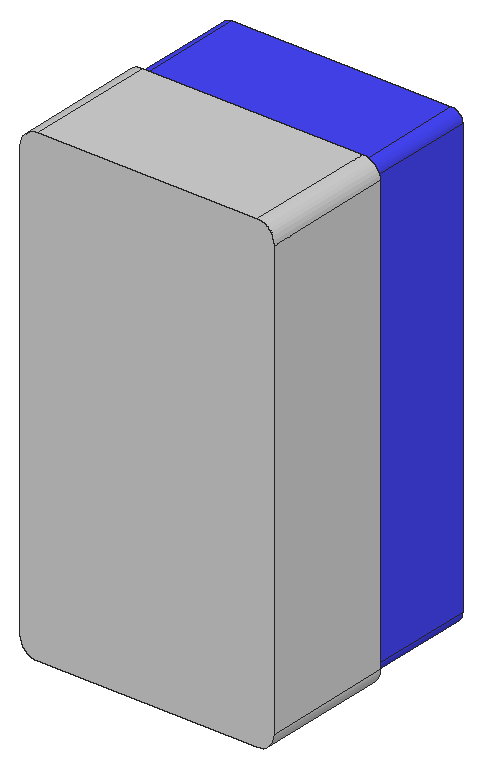
Revit family "Building-IEC309Connections-GEWISS-67IB-INTERLOCKED-SOCKET-OUTLETS_IP67_WITH_BOTTOM_63A_FUS", category Apparecchi elettrici, host Muro, Revit 2016
Family settings
  Host = Muro
  Mantenere orientamento annotazione = Sì
  Tipo di parte = Normale
  Quota connettore circolare = Usa diametro
  Numero OmniClass = 23.80.50.14
  Titolo OmniClass = Plug Connectors
  Sempre verticale = Sì
  Taglio con vuoti quando caricato = No
  Condiviso = No
  Punto di calcolo locali = No
Parameters (values of type "GW67255N - 3P+N+T 63A 500V V.INT.SOCK.O.W.B.7H CBF")
  Working temperature = "-25 ÷ +40 °C"
  With back-mounting box = "Yes"
  Weight (kg) = "Max. 2.5 Kg"
  Weight = "Max. 2.5 Kg"
  Vista di pianta [instance] = yes
  Vetro = GEWISS - vetro
  Version file RFA = "18.0"
  URL = "https://www.gewiss.com/ww/en"
  Typology = "Vertical"
  Type of fuse = "Ø 22x58 mm"
  Tipo Simbolo = PRESAINDPFUS : 3P
  Thermo-pressure with ball = "125 °C (IB socket) - 80 °C (bottom)"
  Technical sheet = "https://www.gewiss.com/ww/en/search?q=GW67255N"
  Struttura frontale = GEWISS -BLU
  Struttura = GEWISS - Grigio RAL - 7035
  Simbolo [instance] = yes
  Shock resistance = "IK08"
  SEO = "Socket outlet"
  Reference h = "7"
  Realized by GEWISS S.p.A. = ""
  Rated voltage: = "480 - 500 V"
  Rated voltage = "480 - 500 V"
  Rated short-circuit current (Icc) = "10KA"
  Rated insulation voltage (Ui) = "500V"
  Rated impulse withstand voltage = "4KV"
  Rated frequency (Hz) = "50/60 Hz"
  Rated current (In) = "63"
  Rated current (A) = "63"
  Protection = "Fuse-holder base (CBF)"
  Produttore = "GEWISS S.p.A."
  Presa = GEWISS - NERO
  Potenza = 500 V
  Operating temperature: = "-25 +40 °C"
  Numero poli = 3
  Number of poles = "3P+N+E"
  No. of poles = "3P+N+E"
  Modello = "GW67255N"
  Immagine tipo = GW67254N.jpg
  IP degree = "IP67"
  IFC.TypeObject = ""
  IFC.ExportType = ""
  IFC.ExportAs = ""
  IDT = "c3a9b50e-4e9d-4f00-afb7-28748640f89d"
  IDF = "1711c5f6-abc8-487c-ac1f-1400d1f361c6"
  IB socket outlet rated current (In) = "48A"
  Glow wire test: = "850 °C (IB socket) - 650 °C (bottom)"
  Glow Wire Test = "850 °C (IB socket) - 650 °C (bottom)"
  Fuse breacking capacity = "> 50 kA"
  Frequency = "50/60 Hz"
  Electrocod = "2222"
  EAN code = "8011564742253"
  Distanza orizzontale del simbolo [instance] = 0 mm
  Distanza dal muro [instance] = 0 mm
  Descrizione = "3P+N+T 63A 500V V.INT.SOCK.O.W.B.7H CBF"
  Cornice simbolo [instance] = yes
  Colour: = "Black"
  Colour = "Black"
  Classificazione carico = Altro
  Catalogue Range = "67 IB"
  Catalogue = "BUILDING"
  Carico apparente = 0 VA
  COBie.Tagnumber = ""
  COBie.CreatedOn = ""
  COBie.CreatebBy = ""
  COBie.ComponentRegisterItemID = ""
  COBie.Component.TagNumber = ""
  COBie.Component.Space = ""
  COBie.Component.SerialNumber = ""
  COBie.Component.InstallationDate = ""
  COBie.Component.Description = ""
  COBie.Component.BarCode = ""
  Altezza da terra = 1111.728 mm
Reference planes
  plane 1 "Muro": y = 0
  plane 2 "Centro (Sinistra/Destra)": x = 125
  plane 3 "Indietro": y = 75
  plane 4: z = 1111.728
  plane 5: x = 125
  plane 6: y = 213.282
Lines and regions (mm)
  Masking region 1, visible <- "Vista di pianta"
    outline origin (0, 86.291, 0) x (1, 0, 0) y (0, 1, 0)
      loop
        line (78.101, 137.709) -> (78.101, 130.821) -> (171.899, 130.821) -> (171.899, 137.709) -> (78.101, 137.709)
      loop
        line (56.116, 126.991) -> (56.116, 63.709) -> (193.884, 63.709) -> (193.884, 126.991) -> (56.116, 126.991)
  Masking region 2, visible <- "Vista di pianta"
    outline origin (0, 0, 0) x (1, 0, 0) y (0, 1, 0)
      loop
        line (87.653, 213.282) -> (165, 213.282) -> (165, 217.112) -> (87.653, 217.112) -> (87.653, 213.282)
      loop
        line (197.5, 150) -> (52.5, 150) -> (52.5, 75) -> (197.5, 75) -> (197.5, 150)
  Masking region 3
    outline origin (125, 0, 0) x (0, 1, 0) y (0, 0, 1)
      loop
        line (150, 1381.528) -> (75, 1381.528) -> (75, 1111.728) -> (150, 1111.728) -> (150, 1381.528)
      loop
        line (224, 1277.029) -> (224, 1347.029) -> (213.282, 1347.029) -> (213.282, 1277.029) -> (224, 1277.029)
      loop
        line (224, 1218.2) -> (213.282, 1218.2) -> (213.282, 1124.403) -> (224, 1124.403) -> (224, 1218.2)
  Masking region 4
    outline origin (125, 0, 0) x (0, 1, 0) y (0, 0, 1)
      loop
        line (150, 1115.344) -> (213.282, 1115.344) -> (213.282, 1377.912) -> (150, 1377.912) -> (150, 1115.344)
Text (mm)
  text "Lato posizionamento" at (-1848.837, 1116.779, 0), in view "Livello rif."
  text "Lato posizionamento" at (0, 1409.804, 2854.306), in view "Sinistra"
  text "Lato posizionamento" at (0, 499.811, 2980.732), in view "Destra"
Dimensions and locks
  locked: plane 3 "Indietro" to host wall
  "Altezza da terra": level to plane 4
  plane 4 to nested 1 = 269.8 mm
  nested 1 to nested 1 = 145 mm
  "Distanza orizzontale del simbolo": plane 5 to plane 2 "Centro (Sinistra/Destra)"
  locked: plane 6 to plane 3 "Indietro" at 138.282
  aligned and locked: plane 1 "Muro" to host wall
  aligned and locked: plane 4 to nested 1
  aligned and locked: nested 1 to plane 3 "Indietro"
  aligned and locked: plane 5 to nested 2
  aligned and locked: nested 1 to Masking region 1  (x3)
  aligned and locked: Masking region 2 sketch curve to nested 1  (x7)
  aligned and locked: nested 1 to Masking region 2 sketch curve
  aligned and locked: Masking region 3 sketch curve to nested 1  (x8)
  aligned and locked: Masking region 4 sketch curve to nested 1  (x2)
Automatic sketch dimensions
  Masking region 1 sketch curve to plane 2 "Centro (Sinistra/Destra)" = 68.884 mm
  Masking region 1 sketch curve to Masking region 1 sketch curve = 21.986 mm  (x2)
  plane 2 "Centro (Sinistra/Destra)" to Masking region 1 sketch curve = 46.899 mm
  host wall to Masking region 1 sketch curve = 75 mm
  Masking region 1 sketch curve to Masking region 1 sketch curve = 63.282 mm
  Masking region 1 sketch curve to Masking region 1 sketch curve = 3.83 mm
  Masking region 1 sketch curve to Masking region 1 sketch curve = 6.888 mm
  plane 4 to Masking region 3 sketch curve = 12.674 mm
  Masking region 3 sketch curve to Masking region 3 sketch curve = 93.797 mm
  Masking region 3 sketch curve to Masking region 3 sketch curve = 58.829 mm
  Masking region 3 sketch curve to Masking region 3 sketch curve = 34.5 mm
  plane 4 to Masking region 4 sketch curve = 3.616 mm
  Masking region 4 sketch curve to Masking region 4 sketch curve = 262.568 mm
Nested families
  nested 1: "IB PRESE INTERBLOC" at (125, 75, 841.928) x (-1, 0, 0) z (0, 0, 1), type "IB PRESE INTERBLOC"
  nested 2: "PRESAINDPFUS" at (125, 72.5, 0), Distanza dal muro <- "Distanza dal muro", BORDO ACCESO <- "Cornice simbolo", SIMBOLO ACCESO <- "Simbolo", type <- "Tipo Simbolo", type "3P"
    with SIMBOLO ACCESO yes, Distanza dal muro 0 mm, BORDO ACCESO yes
  nested 3: "2D - IB PRESE INTERBLOC VERT 63A + PORTAFUS IP67" at (125, 0, 1111.728) x (-1, 0, 0) z (0, -1, 0), type "BIDIMENSIONALE"
Connectors
  electrical at (125, 112.5, 1111.728), driven by "Numero poli", driven by "Classificazione carico", driven by "Potenza", driven by "Carico apparente"
    settings: on nested 1, index 1, voltage 500 V, apparent load 0 VA, apparent load phase1 0 VA, apparent load phase2 0 VA, apparent load phase3 0 VA, power factor 1, load classification "Altro", number of poles 3, system type 31, power factor state 1, is connector primary yes, connector utility no, sub classification motor no, connector description ""
Definition of nested family "IB PRESE INTERBLOC"
  Parameters (values of type "IB PRESE INTERBLOC")
    Vetro = none
    Struttura frontale = none
    Struttura = none
    Spessore = 30 mm
    Default Elevation = 14 mm
    Presa = none
    Lunghezza = 145 mm
    IFC.TypeObject = ""
    IFC.ExportType = ""
    IFC.ExportAs = ""
    H_da terra = 269.8 mm
    COBie.CreatedOn = ""
    COBie.CreatebBy = ""
    COBie.ComponentRegisterItemID = ""
    COBie.Component.TagNumber = ""
    COBie.Component.Space = ""
    COBie.Component.SerialNumber = ""
    COBie.Component.InstallationDate = ""
    COBie.Component.Description = ""
    COBie.Component.BarCode = ""
    Altezza = 269.8 mm
  Reference planes
    plane 1 "Centro (Fronte/Retro)": y = 0
    plane 2: z = 0
    plane 3 "Centro (Sinistra/Destra)": x = 0
    plane 4: y = -75
    plane 5: x = -72.5
    plane 6: x = 72.5
    plane 7: z = 269.8
    plane 8: z = 539.6
    plane 9: x = -68.884
    plane 10: x = 68.884
    plane 11: z = 535.984
    plane 12: z = 273.416
    plane 13: y = -149
    plane 14: y = -138.282
    plane 15: y = -142.112
    plane 16: y = -139.282
  Forms (mm)
    Extrusion 1, solid, material <- "Struttura"
      sketch origin (0, 0, 0) x (1, 0, 0) y (0, 0, 1)
        loop
          arc (-72.5, 279.8) -> (-69.571, 272.729) -> (-62.5, 269.8) r 10
          line (-62.5, 269.8) -> (62.5, 269.8)
          arc (62.5, 269.8) -> (69.571, 272.729) -> (72.5, 279.8) r 10
          line (72.5, 279.8) -> (72.5, 529.6)
          arc (72.5, 529.6) -> (69.571, 536.671) -> (62.5, 539.6) r 10
          line (62.5, 539.6) -> (-62.5, 539.6)
          arc (-62.5, 539.6) -> (-69.571, 536.671) -> (-72.5, 529.6) r 10
          line (-72.5, 529.6) -> (-72.5, 279.8)
      from 0 to 75
    Extrusion 2, solid, material <- "Struttura"
      sketch origin (0, 0, 0) x (1, 0, 0) y (0, 0, 1)
        loop
          line (-21.408, 374.665) -> (-32.003, 374.665)
          spline (-32.003, 374.665) -> (-33.047, 374.598) -> (-34.073, 374.397) -> (-35.063, 374.065) -> (-36.002, 373.609) -> (-36.871, 373.037) -> (-37.658, 372.357) -> (-38.347, 371.583) -> (-38.929, 370.726) -> (-39.391, 369.801) -> (-39.728, 368.826) -> (-39.932, 367.815) -> (-40, 366.787)
          line (-40, 366.787) -> (-40, 298.037)
          spline (-40, 298.037) -> (-39.932, 297.008) -> (-39.728, 295.997) -> (-39.391, 295.022) -> (-38.929, 294.097) -> (-38.347, 293.24) -> (-37.658, 292.466) -> (-36.871, 291.786) -> (-36.002, 291.214) -> (-35.063, 290.758) -> (-34.073, 290.427) -> (-33.047, 290.225) -> (-32.003, 290.158)
          line (-32.003, 290.158) -> (-21, 290.158) -> (29.35, 290.158)
          spline (29.35, 290.158) -> (30.394, 290.225) -> (31.42, 290.427) -> (32.411, 290.758) -> (33.349, 291.214) -> (34.218, 291.786) -> (35.005, 292.466) -> (35.695, 293.24) -> (36.276, 294.097) -> (36.738, 295.022) -> (37.075, 295.997) -> (37.279, 297.008) -> (37.347, 298.037)
          line (37.347, 298.037) -> (37.347, 366.787)
          spline (37.347, 366.787) -> (37.279, 367.815) -> (37.075, 368.826) -> (36.738, 369.801) -> (36.276, 370.726) -> (35.695, 371.583) -> (35.005, 372.357) -> (34.218, 373.037) -> (33.349, 373.609) -> (32.411, 374.065) -> (31.42, 374.397) -> (30.394, 374.598) -> (29.35, 374.665)
          line (29.35, 374.665) -> (-21.408, 374.665)
      from 138.282 to 142.112
    Extrusion 3, solid, material <- "Presa"
      sketch origin (0, 0, 0) x (1, 0, 0) y (0, 0, 1)
        loop
          circle (0, 329.373) r 46.899
      from 142.112 to 149
    Extrusion 4, solid, material <- "Struttura"
      sketch origin (0, 0, -15) x (1, 0, 0) y (0, 0, 1)
        loop
          circle (0, 485.1) r 35
        loop
          circle (0, 485.1) r 30
      from 138.282 to 149
    Extrusion 5, solid, material <- "Struttura frontale"
      sketch origin (0, 0, 0) x (1, 0, 0) y (0, 0, 1)
        loop
          arc (68.884, 529.678) -> (67.037, 534.137) -> (62.578, 535.984) r 6.306
          line (62.578, 535.984) -> (-62.578, 535.984)
          arc (-62.578, 535.984) -> (-67.037, 534.137) -> (-68.884, 529.678) r 6.306
          line (-68.884, 529.678) -> (-68.884, 279.931)
          arc (-68.884, 279.931) -> (-66.976, 275.324) -> (-62.369, 273.416) r 6.515
          line (-62.369, 273.416) -> (62.369, 273.416)
          arc (62.369, 273.416) -> (66.976, 275.324) -> (68.884, 279.931) r 6.515
          line (68.884, 279.931) -> (68.884, 529.678)
      from 75 to 138.282
    Extrusion 6, solid, material <- "Struttura"
      sketch origin (0, 0, 0) x (1, 0, 0) y (0, 0, 1)
        loop
          arc (-9.963, 471.083) -> (-10.236, 469.705) -> (-10.015, 468.317) r 4.001
          arc (-10.015, 468.317) -> (-9.857, 467.856) -> (-9.704, 467.394) r 53.759
          arc (-9.704, 467.394) -> (-7.693, 459.075) -> (-7.017, 450.544) r 54.183
          line (-7.017, 450.544) -> (-7.017, 442.035)
          spline (-7.017, 442.035) -> (-7.011, 441.922) -> (-6.992, 441.811) -> (-6.96, 441.703) -> (-6.917, 441.598) -> (-6.862, 441.5) -> (-6.796, 441.408) -> (-6.72, 441.324) -> (-6.635, 441.249) -> (-6.543, 441.185) -> (-6.443, 441.131) -> (-6.339, 441.088) -> (-6.23, 441.058)
          arc (-6.23, 441.058) -> (0, 440.389) -> (6.229, 441.058) r 29.316
          spline (6.229, 441.058) -> (6.338, 441.088) -> (6.443, 441.131) -> (6.542, 441.185) -> (6.634, 441.249) -> (6.719, 441.324) -> (6.795, 441.408) -> (6.861, 441.5) -> (6.916, 441.598) -> (6.959, 441.703) -> (6.991, 441.811) -> (7.01, 441.922) -> (7.016, 442.035)
          line (7.016, 442.035) -> (7.016, 450.535)
          arc (7.016, 450.535) -> (7.692, 459.068) -> (9.704, 467.389) r 54.184
          arc (9.704, 467.389) -> (9.858, 467.853) -> (10.016, 468.315) r 53.759
          arc (10.016, 468.315) -> (10.237, 469.703) -> (9.965, 471.082) r 4.002
          arc (9.965, 471.082) -> (6.667, 482.627) -> (5.575, 494.585) r 64.271
          line (5.575, 494.585) -> (5.607, 501.191)
          arc (5.607, 501.191) -> (5.346, 501.852) -> (4.711, 502.172) r 1
          arc (4.711, 502.172) -> (2.359, 502.356) -> (0, 502.417) r 45.391
          arc (0, 502.417) -> (-2.359, 502.356) -> (-4.711, 502.172) r 45.391
          arc (-4.711, 502.172) -> (-5.346, 501.852) -> (-5.607, 501.191) r 1
          line (-5.607, 501.191) -> (-5.574, 494.585)
          arc (-5.574, 494.585) -> (-6.667, 482.628) -> (-9.963, 471.083) r 64.271
      from 138.282 to 149
    Extrusion 7, solid, material <- "Struttura frontale"
      sketch origin (-257.5, 0, 0) x (1, 0, 0) y (0, 0, 1)
        loop
          line (196.678, 422.927) -> (196.833, 412.422)
          spline (196.833, 412.422) -> (196.86, 412.1) -> (196.928, 411.785) -> (197.037, 411.48) -> (197.186, 411.191) -> (197.371, 410.924) -> (197.59, 410.682) -> (197.839, 410.47) -> (198.113, 410.291) -> (198.408, 410.149) -> (198.719, 410.046) -> (199.04, 409.983) -> (199.367, 409.962)
          line (199.367, 409.962) -> (213.633, 409.962)
          spline (213.633, 409.962) -> (213.96, 409.983) -> (214.281, 410.046) -> (214.592, 410.149) -> (214.887, 410.291) -> (215.161, 410.47) -> (215.41, 410.682) -> (215.629, 410.924) -> (215.814, 411.191) -> (215.963, 411.48) -> (216.072, 411.785) -> (216.14, 412.1) -> (216.167, 412.422)
          line (216.167, 412.422) -> (216.322, 422.927) -> (196.678, 422.927)
        loop
          line (298.678, 422.927) -> (298.833, 412.422)
          spline (298.833, 412.422) -> (298.86, 412.1) -> (298.928, 411.785) -> (299.037, 411.48) -> (299.186, 411.191) -> (299.371, 410.924) -> (299.59, 410.682) -> (299.839, 410.47) -> (300.113, 410.291) -> (300.408, 410.149) -> (300.719, 410.046) -> (301.04, 409.983) -> (301.367, 409.962)
          line (301.367, 409.962) -> (315.633, 409.962)
          spline (315.633, 409.962) -> (315.96, 409.983) -> (316.281, 410.046) -> (316.592, 410.149) -> (316.887, 410.291) -> (317.161, 410.47) -> (317.41, 410.682) -> (317.629, 410.924) -> (317.814, 411.191) -> (317.963, 411.48) -> (318.072, 411.785) -> (318.14, 412.1) -> (318.167, 412.422)
          line (318.167, 412.422) -> (318.322, 422.927) -> (298.678, 422.927)
      from 138.282 to 139.282
  Cuts and joins
    joined: Extrusion 5, Extrusion 7
  Dimensions and locks
    "H_da terra": plane 7 to level
    "Altezza": plane 8 to plane 7
    equal spacing: plane 5, plane 3 "Centro (Sinistra/Destra)", plane 6
    "Lunghezza": plane 5 to plane 6
    locked: plane 8 to plane 11 at 3.616
    locked: plane 12 to plane 7 at 3.616
    locked: plane 5 to plane 9 at 3.616
    locked: plane 6 to plane 10 at 3.616
    locked: plane 13 to plane 15 at 6.888
    locked: plane 13 to plane 14 at 10.718
    locked: plane 13 to plane 4 at 74
    locked: plane 13 to plane 1 "Centro (Fronte/Retro)" at 149
    locked: plane 14 to plane 16 at 1
    aligned and locked: level to plane 2
    aligned and locked: Extrusion 1 sketch curve to plane 5
    aligned and locked: Extrusion 1 sketch curve to plane 7
    aligned and locked: Extrusion 1 sketch curve to plane 6
    aligned and locked: Extrusion 1 sketch curve to plane 8
    aligned and locked: Extrusion 1 to plane 4
    aligned and locked: Extrusion 5 sketch curve to plane 10
    aligned and locked: Extrusion 5 sketch curve to plane 9
    aligned and locked: Extrusion 5 sketch curve to plane 12
    aligned and locked: Extrusion 5 sketch curve to plane 11
    aligned and locked: plane 4 to Extrusion 5
    aligned and locked: Extrusion 4 to Extrusion 5
    aligned and locked: Extrusion 4 to Extrusion 3
    aligned and locked: Extrusion 3 to Extrusion 2
    aligned and locked: Extrusion 2 to Extrusion 6
    aligned and locked: Extrusion 6 to Extrusion 3
    aligned and locked: plane 13 to Extrusion 3
    aligned and locked: plane 14 to Extrusion 5
    aligned and locked: plane 15 to Extrusion 2
    aligned and locked: Extrusion 2 to Extrusion 4
    aligned and locked: Extrusion 1 to Extrusion 5
    aligned and locked: Extrusion 1 to plane 1 "Centro (Fronte/Retro)"
    aligned and locked: Extrusion 7 to Extrusion 2
    aligned and locked: Extrusion 7 to plane 16
    aligned and locked: Extrusion 7 to Extrusion 4
  Automatic sketch dimensions
    Extrusion 1 sketch curve to plane 9 = 6.384 mm  (x2)
    Extrusion 1 sketch curve to plane 10 = 6.384 mm  (x2)
    Extrusion 2 sketch curve to plane 9 = 28.884 mm
    Extrusion 2 sketch curve to Extrusion 2 sketch curve = 7.997 mm  (x3)
    Extrusion 2 sketch curve to plane 10 = 39.534 mm  (x2)
    Extrusion 2 sketch curve to plane 12 = 16.742 mm
    Extrusion 2 sketch curve to Extrusion 2 sketch curve = 7.878 mm  (x3)
    Extrusion 2 sketch curve to Extrusion 2 sketch curve = 68.75 mm
    Extrusion 2 sketch curve to Extrusion 2 sketch curve = 0 mm
    Extrusion 2 sketch curve to Extrusion 2 sketch curve = 2.599 mm
    Extrusion 2 sketch curve to Extrusion 2 sketch curve = 3.006 mm
    Extrusion 3 sketch curve to plane 3 "Centro (Sinistra/Destra)" = 0 mm
    Extrusion 3 sketch curve to plane 12 = 55.957 mm
    Extrusion 5 sketch curve to plane 9 = 6.306 mm
    Extrusion 5 sketch curve to plane 9 = 6.515 mm
    Extrusion 5 sketch curve to Extrusion 5 sketch curve = 6.515 mm
    Extrusion 5 sketch curve to Extrusion 5 sketch curve = 6.306 mm
    Extrusion 4 sketch curve to Extrusion 4 sketch curve = 0 mm  (x2)
    Extrusion 4 sketch curve to plane 3 "Centro (Sinistra/Destra)" = 0 mm
    Extrusion 4 sketch curve to plane 11 = 65.884 mm
    Extrusion 6 sketch curve to plane 3 "Centro (Sinistra/Destra)" = 0 mm  (x2)
    Extrusion 6 sketch curve to plane 3 "Centro (Sinistra/Destra)" = 0.003 mm
    Extrusion 6 sketch curve to plane 3 "Centro (Sinistra/Destra)" = 4.607 mm
    Extrusion 6 sketch curve to plane 3 "Centro (Sinistra/Destra)" = 5.574 mm
    Extrusion 6 sketch curve to Extrusion 6 sketch curve = 1 mm  (x4)
    Extrusion 6 sketch curve to plane 3 "Centro (Sinistra/Destra)" = 6.236 mm
    Extrusion 6 sketch curve to plane 3 "Centro (Sinistra/Destra)" = 7.017 mm
    Extrusion 6 sketch curve to plane 9 = 8.087 mm
    Extrusion 6 sketch curve to Extrusion 6 sketch curve = 0.402 mm  (x2)
    plane 9 to Extrusion 6 sketch curve = 0.961 mm
    plane 3 "Centro (Sinistra/Destra)" to Extrusion 6 sketch curve = 0.003 mm
    plane 3 "Centro (Sinistra/Destra)" to Extrusion 6 sketch curve = 4.607 mm
    plane 3 "Centro (Sinistra/Destra)" to Extrusion 6 sketch curve = 5.575 mm
    plane 3 "Centro (Sinistra/Destra)" to Extrusion 6 sketch curve = 6.236 mm
    plane 3 "Centro (Sinistra/Destra)" to Extrusion 6 sketch curve = 7.016 mm
    Extrusion 6 sketch curve to plane 10 = 8.086 mm
    plane 10 to Extrusion 6 sketch curve = 0.962 mm
    Extrusion 6 sketch curve to plane 11 = 93.949 mm
    Extrusion 6 sketch curve to Extrusion 6 sketch curve = 0 mm  (x3)
    Extrusion 6 sketch curve to Extrusion 6 sketch curve = 8.509 mm
    Extrusion 6 sketch curve to Extrusion 6 sketch curve = 8.5 mm
    Extrusion 6 sketch curve to Extrusion 6 sketch curve = 0.132 mm
    Extrusion 6 sketch curve to Extrusion 6 sketch curve = 0.138 mm
    Extrusion 6 sketch curve to Extrusion 6 sketch curve = 6.491 mm
    Extrusion 6 sketch curve to Extrusion 6 sketch curve = 12.604 mm
    Extrusion 6 sketch curve to Extrusion 6 sketch curve = 0.001 mm
    Extrusion 6 sketch curve to Extrusion 6 sketch curve = 0.075 mm
    Extrusion 6 sketch curve to Extrusion 6 sketch curve = 43.754 mm
    Extrusion 6 sketch curve to Extrusion 6 sketch curve = 43.752 mm
    Extrusion 6 sketch curve to Extrusion 6 sketch curve = 24.955 mm
    Extrusion 6 sketch curve to Extrusion 6 sketch curve = 6.593 mm  (x2)
    Extrusion 6 sketch curve to Extrusion 6 sketch curve = 0.013 mm  (x2)
    Extrusion 6 sketch curve to Extrusion 6 sketch curve = 0.104 mm
    Extrusion 6 sketch curve to Extrusion 6 sketch curve = 0.212 mm  (x2)
    Extrusion 6 sketch curve to Extrusion 6 sketch curve = 0.372 mm  (x2)
    Extrusion 6 sketch curve to Extrusion 6 sketch curve = 3.468 mm  (x2)
    Extrusion 6 sketch curve to Extrusion 6 sketch curve = 0.26 mm
    Extrusion 6 sketch curve to Extrusion 6 sketch curve = 0.261 mm
    Extrusion 6 sketch curve to Extrusion 6 sketch curve = 0.977 mm
    Extrusion 7 sketch curve to plane 6 = 133.322 mm
    Extrusion 7 sketch curve to plane 11 = 113.057 mm
    Extrusion 7 sketch curve to Extrusion 7 sketch curve = 0.156 mm  (x2)
    Extrusion 7 sketch curve to Extrusion 7 sketch curve = 19.645 mm  (x2)
    Extrusion 7 sketch curve to Extrusion 7 sketch curve = 10.506 mm  (x2)
    Extrusion 7 sketch curve to Extrusion 7 sketch curve = 2.503 mm  (x2)
    Extrusion 7 sketch curve to Extrusion 7 sketch curve = 0.03 mm  (x4)
    Extrusion 7 sketch curve to Extrusion 7 sketch curve = 2.367 mm  (x4)
    Extrusion 7 sketch curve to Extrusion 7 sketch curve = 0.826 mm
    Extrusion 7 sketch curve to Extrusion 7 sketch curve = 11.93 mm  (x2)
    Extrusion 7 sketch curve to Extrusion 7 sketch curve = 1.635 mm  (x2)
    Extrusion 7 sketch curve to Extrusion 7 sketch curve = 0 mm  (x3)
    Extrusion 7 sketch curve to Extrusion 7 sketch curve = 0.137 mm  (x2)
    Extrusion 7 sketch curve to Extrusion 7 sketch curve = 2.46 mm  (x3)
    Extrusion 7 sketch curve to Extrusion 7 sketch curve = 82.355 mm
    radius of Extrusion 3 sketch curve = 46.899 mm
    radius of Extrusion 4 sketch curve = 35 mm
    radius of Extrusion 4 sketch curve = 30 mm
Definition of nested family "PRESAINDPFUS"
  Parameters (values of type "2P")
    SIMBOLO ACCESO [instance] = yes
    SIMBOLO = PRESAINDPFUS_BASE : 2P
    Distanza dal muro [instance] = 0 mm
    BORDO ACCESO [instance] = yes
  Types (2, lengths in mm): name | SIMBOLO
    2P | PRESAINDPFUS_BASE : 2P
    3P | PRESAINDPFUS_BASE : 3P
  Reference planes
    plane 1: y = 0
    plane 2: x = 0
  Dimensions and locks
    "Distanza dal muro": plane 1 to nested 1
    aligned and locked: plane 2 to nested 1
  Nested families
    nested 1: "PRESAINDPFUS_BASE" at (0, 0, 0), type <- "SIMBOLO", CORNICE SIMBOLO <- "BORDO ACCESO", visible <- "SIMBOLO ACCESO", type "2P"
  Definition of nested family "PRESAINDPFUS_BASE"
    Parameters (values of type "3P")
      CORNICE SIMBOLO [instance] = yes
      3P = yes
    Types (2, lengths in mm): name | 3P
      3P | yes
      2P | no
    Reference planes
      plane 1: y = 0
      plane 2: x = 0
    Lines and regions (mm)
      detail lines, visible <- "CORNICE SIMBOLO"
        curve 1: line (-0.9, 2.3, 0) -> (0.9, 2.3, 0)
        curve 2: line (0.9, 2.3, 0) -> (0.9, 0, 0)
        curve 3: line (0.9, 0, 0) -> (-0.9, 0, 0)
        curve 4: line (-0.9, 0, 0) -> (-0.9, 2.3, 0)
      detail lines, not visible
        curve 5: line (-2.443, 10.208, 0) -> (2.057, 10.208, 0)
        curve 6: line (2.057, 10.208, 0) -> (2.057, 4.208, 0)
        curve 7: line (2.057, 4.208, 0) -> (-2.443, 4.208, 0)
        curve 8: line (-2.443, 4.208, 0) -> (-2.443, 10.208, 0)
        curve 9: line (-2.043, 9.808, 0) -> (1.657, 9.808, 0)
        curve 10: line (1.657, 9.808, 0) -> (1.657, 4.608, 0)
        curve 11: line (1.657, 4.608, 0) -> (-2.043, 4.608, 0)
        curve 12: line (-2.043, 4.608, 0) -> (-2.043, 9.808, 0)
      detail lines
        curve 13: line (-0.45, 0.969, 0) -> (-0.167, 0.969, 0)
        curve 14: line (-0.167, 0.969, 0) -> (0.33, 1.829, 0)
        curve 15: line (0.33, 1.829, 0) -> (0.836, 1.536, 0)
        curve 16: line (-0.167, 0.969, 0) -> (-0.45, 0.478, 0)
        curve 17: line (-0.45, 0.478, 0) -> (-0.45, 2.241, 0)
        curve 18: line (0.135, 1.491, 0) -> (0.641, 1.199, 0)
        curve 19: line (-0.84, 0.478, 0) -> (-0.06, 0.478, 0)
        curve 20: line (-0.45, 0.852, 0) -> (-0.333, 0.969, 0)
        curve 21: line (-0.45, 0.783, 0) -> (-0.264, 0.969, 0)
        curve 22: line (-0.45, 0.714, 0) -> (-0.195, 0.969, 0)
        curve 23: line (-0.45, 0.645, 0) -> (-0.223, 0.872, 0)
        curve 24: line (-0.45, 0.576, 0) -> (-0.317, 0.709, 0)
        curve 26: arc (-0.84, 0.089, 0) -> (-0.45, 0.478, 0) -> (-0.06, 0.089, 0) r 0.39
        curve 27: line (-0.608, 1.143, 0) -> (-0.608, 1.964, 0)
        curve 28: line (-0.608, 1.964, 0) -> (-0.292, 1.964, 0)
        curve 29: line (-0.292, 1.964, 0) -> (-0.292, 1.143, 0)
        curve 30: line (-0.292, 1.143, 0) -> (-0.608, 1.143, 0)
      detail lines, visible <- "3P"
        curve 25: line (-0.06, 1.154, 0) -> (0.446, 0.861, 0)
Definition of nested family "2D - IB PRESE INTERBLOC VERT 63A + PORTAFUS IP67"
  Reference planes
    plane 1 "Centro (Fronte/Retro)": y = 0
    plane 2: z = 0
    plane 3 "Centro (Sinistra/Destra)": x = 0
  Lines and regions (mm)
    model lines, in view "Livello rif."
      curve 1: line (-51.107, 115.534, 0) -> (-51.107, 90.518, 0)
      curve 2: line (-13.3, 65.007, 0) -> (13.306, 65.007, 0)
      curve 3: spline (51.107, 115.534, 0) -> (51.028, 116.714, 0) -> (50.793, 117.874, 0) -> (50.404, 118.994, 0) -> (49.869, 120.055, 0) -> (49.198, 121.039, 0) -> (48.401, 121.928, 0) -> (47.492, 122.708, 0) -> (46.487, 123.365, 0) -> (45.403, 123.888, 0) -> (44.259, 124.268, 0) -> (43.073, 124.499, 0) -> (41.867, 124.576, 0)
      curve 4: spline (-41.877, 124.576, 0) -> (-43.083, 124.498, 0) -> (-44.267, 124.266, 0) -> (-45.41, 123.885, 0) -> (-46.493, 123.362, 0) -> (-47.497, 122.704, 0) -> (-48.404, 121.924, 0) -> (-49.2, 121.035, 0) -> (-49.871, 120.052, 0) -> (-50.405, 118.992, 0) -> (-50.793, 117.873, 0) -> (-51.028, 116.713, 0) -> (-51.107, 115.534, 0)
      curve 5: spline (-56.595, 57.387, 0) -> (-54.666, 43.793, 0) -> (-49.012, 31.126, 0) -> (-40.018, 20.248, 0) -> (-28.297, 11.901, 0) -> (-14.647, 6.654, 0) -> (0.001, 4.865, 0) -> (14.648, 6.655, 0) -> (28.298, 11.902, 0) -> (40.019, 20.249, 0) -> (49.013, 31.127, 0) -> (54.667, 43.794, 0) -> (56.595, 57.388, 0) -> (54.666, 70.982, 0) -> (49.012, 83.649, 0) -> (40.018, 94.527, 0) -> (28.297, 102.874, 0) -> (14.647, 108.121, 0) -> (-0.001, 109.91, 0) -> (-14.648, 108.12, 0) -> (-28.298, 102.873, 0) -> (-40.019, 94.526, 0) -> (-49.013, 83.648, 0) -> (-54.667, 70.981, 0) -> (-56.595, 57.387, 0)
      curve 6: arc (6.31, 44.538, 0) -> (9.796, 44.596, 0) -> (13.282, 44.683, 0) r 420.797
      curve 7: line (19.056, 124.576, 0) -> (41.867, 124.576, 0)
      curve 8: line (-41.877, 124.576, 0) -> (-19.059, 124.576, 0)
      curve 9: line (13.282, 44.683, 0) -> (13.585, 44.733, 0)
      curve 10: line (13.585, 44.733, 0) -> (13.74, 44.788, 0)
      curve 11: line (13.74, 44.788, 0) -> (13.892, 44.866, 0)
      curve 12: line (13.892, 44.866, 0) -> (14.123, 45.045, 0)
      curve 13: line (14.123, 45.045, 0) -> (14.304, 45.279, 0)
      curve 14: line (14.304, 45.279, 0) -> (14.406, 45.526, 0)
      curve 15: line (14.406, 45.526, 0) -> (14.437, 45.765, 0)
      curve 16: line (-14.438, 45.772, 0) -> (-14.407, 45.531, 0)
      curve 17: line (-14.407, 45.531, 0) -> (-14.31, 45.29, 0)
      curve 18: line (-14.31, 45.29, 0) -> (-14.132, 45.053, 0)
      curve 19: line (-14.132, 45.053, 0) -> (-13.901, 44.871, 0)
      curve 20: line (-13.901, 44.871, 0) -> (-13.746, 44.79, 0)
      curve 21: line (-13.746, 44.79, 0) -> (-13.589, 44.733, 0)
      curve 22: line (-13.589, 44.733, 0) -> (-13.282, 44.683, 0)
      curve 23: line (-13.282, 44.683, 0) -> (-7.223, 44.55, 0)
      curve 24: line (-7.223, 44.55, 0) -> (-2.686, 44.505, 0)
      curve 25: line (-2.686, 44.505, 0) -> (3.695, 44.505, 0)
      curve 26: line (3.695, 44.505, 0) -> (6.31, 44.538, 0)
      curve 27: arc (19.056, 132.003, 0) -> (18.717, 132.82, 0) -> (17.901, 133.158, 0) r 1.155
      curve 28: arc (-17.904, 133.157, 0) -> (-18.721, 132.819, 0) -> (-19.059, 132.002, 0) r 1.155
      curve 29: spline (-51.109, 21.759, 0) -> (-51.029, 20.568, 0) -> (-50.792, 19.398, 0) -> (-50.401, 18.268, 0) -> (-49.863, 17.199, 0) -> (-49.187, 16.208, 0) -> (-48.385, 15.313, 0) -> (-47.471, 14.529, 0) -> (-46.461, 13.869, 0) -> (-45.371, 13.345, 0) -> (-44.221, 12.966, 0) -> (-43.03, 12.739, 0) -> (-41.82, 12.667, 0)
      curve 30: spline (41.861, 12.667, 0) -> (43.066, 12.744, 0) -> (44.251, 12.976, 0) -> (45.396, 13.358, 0) -> (46.479, 13.884, 0) -> (47.484, 14.544, 0) -> (48.393, 15.328, 0) -> (49.19, 16.222, 0) -> (49.861, 17.21, 0) -> (50.396, 18.276, 0) -> (50.785, 19.402, 0) -> (51.021, 20.568, 0) -> (51.1, 21.754, 0)
      curve 31: spline (-36.96, 56.355, 0) -> (-35.701, 47.478, 0) -> (-32.008, 39.205, 0) -> (-26.135, 32.101, 0) -> (-18.48, 26.65, 0) -> (-9.566, 23.223, 0) -> (0, 22.055, 0) -> (9.566, 23.223, 0) -> (18.48, 26.65, 0) -> (26.134, 32.101, 0) -> (32.008, 39.205, 0) -> (35.701, 47.477, 0) -> (36.96, 56.355, 0)
      curve 32: spline (36.96, 56.354, 0) -> (36.411, 62.244, 0) -> (34.781, 67.959, 0) -> (32.117, 73.329, 0) -> (28.499, 78.195, 0) -> (24.035, 82.413, 0) -> (18.856, 85.856, 0) -> (13.118, 88.422, 0) -> (6.99, 90.037, 0) -> (0.654, 90.65, 0) -> (-5.702, 90.245, 0) -> (-11.888, 88.833, 0) -> (-17.72, 86.456, 0)
      curve 33: spline (-17.72, 86.456, 0) -> (-20.54, 84.871, 0) -> (-23.197, 83.059, 0) -> (-25.668, 81.034, 0) -> (-27.936, 78.813, 0) -> (-29.981, 76.414, 0) -> (-31.788, 73.854, 0) -> (-33.342, 71.156, 0) -> (-34.631, 68.34, 0) -> (-35.644, 65.428, 0) -> (-36.373, 62.444, 0) -> (-36.813, 59.412, 0) -> (-36.96, 56.355, 0)
      curve 34: spline (40.805, 19.833, 0) -> (40.81, 19.838, 0) -> (40.815, 19.843, 0) -> (40.819, 19.849, 0) -> (40.823, 19.856, 0) -> (40.826, 19.862, 0) -> (40.829, 19.87, 0) -> (40.831, 19.877, 0) -> (40.833, 19.885, 0) -> (40.834, 19.894, 0) -> (40.836, 19.903, 0) -> (40.836, 19.912, 0) -> (40.836, 19.922, 0)
      curve 35: spline (40.183, 20.106, 0) -> (40.255, 20.049, 0) -> (40.325, 19.997, 0) -> (40.393, 19.951, 0) -> (40.457, 19.91, 0) -> (40.518, 19.876, 0) -> (40.575, 19.849, 0) -> (40.627, 19.828, 0) -> (40.674, 19.815, 0) -> (40.716, 19.809, 0) -> (40.752, 19.81, 0) -> (40.782, 19.818, 0) -> (40.805, 19.833, 0)
      curve 36: spline (40.183, 20.106, 0) -> (41.05, 20.929, 0) -> (41.897, 21.769, 0) -> (42.725, 22.625, 0) -> (43.532, 23.499, 0) -> (44.319, 24.388, 0) -> (45.084, 25.293, 0) -> (45.828, 26.213, 0) -> (46.55, 27.149, 0) -> (47.25, 28.098, 0) -> (47.927, 29.062, 0) -> (48.582, 30.039, 0) -> (49.213, 31.029, 0)
      curve 37: spline (49.213, 31.029, 0) -> (49.308, 30.989, 0) -> (49.399, 30.954, 0) -> (49.487, 30.925, 0) -> (49.57, 30.902, 0) -> (49.648, 30.885, 0) -> (49.72, 30.874, 0) -> (49.786, 30.87, 0) -> (49.844, 30.873, 0) -> (49.894, 30.882, 0) -> (49.936, 30.897, 0) -> (49.969, 30.919, 0) -> (49.993, 30.946, 0)
      curve 38: spline (54.89, 43.748, 0) -> (55.004, 43.731, 0) -> (55.114, 43.72, 0) -> (55.219, 43.714, 0) -> (55.318, 43.714, 0) -> (55.41, 43.72, 0) -> (55.493, 43.731, 0) -> (55.568, 43.747, 0) -> (55.632, 43.769, 0) -> (55.686, 43.796, 0) -> (55.728, 43.828, 0) -> (55.758, 43.865, 0) -> (55.777, 43.905, 0)
      curve 39: spline (54.89, 43.748, 0) -> (55.198, 44.863, 0) -> (55.479, 45.983, 0) -> (55.734, 47.109, 0) -> (55.963, 48.24, 0) -> (56.165, 49.375, 0) -> (56.34, 50.514, 0) -> (56.488, 51.656, 0) -> (56.61, 52.801, 0) -> (56.704, 53.948, 0) -> (56.772, 55.097, 0) -> (56.812, 56.247, 0) -> (56.826, 57.398, 0)
      curve 40: spline (56.826, 57.398, 0) -> (56.953, 57.41, 0) -> (57.076, 57.428, 0) -> (57.192, 57.451, 0) -> (57.301, 57.479, 0) -> (57.401, 57.511, 0) -> (57.49, 57.547, 0) -> (57.567, 57.587, 0) -> (57.632, 57.629, 0) -> (57.683, 57.675, 0) -> (57.72, 57.722, 0) -> (57.742, 57.77, 0) -> (57.75, 57.819, 0)
      curve 41: spline (54.889, 71.047, 0) -> (55.013, 71.09, 0) -> (55.132, 71.138, 0) -> (55.245, 71.189, 0) -> (55.351, 71.243, 0) -> (55.447, 71.3, 0) -> (55.533, 71.358, 0) -> (55.608, 71.417, 0) -> (55.67, 71.475, 0) -> (55.719, 71.533, 0) -> (55.755, 71.589, 0) -> (55.776, 71.643, 0) -> (55.782, 71.694, 0)
      curve 42: spline (54.889, 71.047, 0) -> (54.555, 72.155, 0) -> (54.195, 73.256, 0) -> (53.81, 74.349, 0) -> (53.398, 75.435, 0) -> (52.962, 76.511, 0) -> (52.5, 77.579, 0) -> (52.013, 78.637, 0) -> (51.501, 79.685, 0) -> (50.965, 80.722, 0) -> (50.405, 81.749, 0) -> (49.82, 82.763, 0) -> (49.212, 83.766, 0)
      curve 43: spline (49.212, 83.766, 0) -> (49.322, 83.838, 0) -> (49.429, 83.912, 0) -> (49.529, 83.989, 0) -> (49.624, 84.067, 0) -> (49.71, 84.146, 0) -> (49.787, 84.223, 0) -> (49.854, 84.299, 0) -> (49.91, 84.372, 0) -> (49.954, 84.441, 0) -> (49.986, 84.505, 0) -> (50.006, 84.564, 0) -> (50.012, 84.616, 0)
      curve 44: spline (40.181, 94.688, 0) -> (40.272, 94.785, 0) -> (40.359, 94.884, 0) -> (40.442, 94.984, 0) -> (40.519, 95.084, 0) -> (40.59, 95.182, 0) -> (40.653, 95.277, 0) -> (40.708, 95.368, 0) -> (40.753, 95.454, 0) -> (40.789, 95.533, 0) -> (40.815, 95.604, 0) -> (40.83, 95.667, 0) -> (40.834, 95.72, 0)
      curve 45: spline (40.181, 94.688, 0) -> (39.295, 95.492, 0) -> (38.39, 96.279, 0) -> (37.467, 97.047, 0) -> (36.526, 97.796, 0) -> (35.568, 98.526, 0) -> (34.592, 99.236, 0) -> (33.601, 99.926, 0) -> (32.593, 100.597, 0) -> (31.57, 101.246, 0) -> (30.531, 101.875, 0) -> (29.479, 102.482, 0) -> (28.412, 103.068, 0)
      curve 46: spline (28.412, 103.068, 0) -> (28.475, 103.183, 0) -> (28.537, 103.3, 0) -> (28.595, 103.416, 0) -> (28.649, 103.531, 0) -> (28.699, 103.644, 0) -> (28.744, 103.751, 0) -> (28.782, 103.853, 0) -> (28.815, 103.948, 0) -> (28.84, 104.034, 0) -> (28.859, 104.111, 0) -> (28.87, 104.178, 0) -> (28.874, 104.233, 0)
      curve 47: spline (14.706, 108.337, 0) -> (14.74, 108.465, 0) -> (14.772, 108.595, 0) -> (14.802, 108.724, 0) -> (14.831, 108.85, 0) -> (14.857, 108.973, 0) -> (14.88, 109.09, 0) -> (14.9, 109.2, 0) -> (14.916, 109.301, 0) -> (14.929, 109.392, 0) -> (14.939, 109.472, 0) -> (14.944, 109.54, 0) -> (14.945, 109.594, 0)
      curve 48: spline (14.706, 108.337, 0) -> (13.505, 108.622, 0) -> (12.298, 108.883, 0) -> (11.085, 109.12, 0) -> (9.866, 109.332, 0) -> (8.643, 109.52, 0) -> (7.416, 109.682, 0) -> (6.185, 109.82, 0) -> (4.951, 109.933, 0) -> (3.715, 110.02, 0) -> (2.477, 110.083, 0) -> (1.238, 110.121, 0) -> (-0.001, 110.133, 0)
      curve 49: spline (-14.948, 109.586, 0) -> (-14.946, 109.53, 0) -> (-14.94, 109.461, 0) -> (-14.931, 109.381, 0) -> (-14.918, 109.29, 0) -> (-14.901, 109.189, 0) -> (-14.881, 109.08, 0) -> (-14.858, 108.964, 0) -> (-14.832, 108.843, 0) -> (-14.804, 108.718, 0) -> (-14.774, 108.59, 0) -> (-14.742, 108.463, 0) -> (-14.709, 108.336, 0)
      curve 50: spline (-14.709, 108.336, 0) -> (-15.903, 108.026, 0) -> (-17.089, 107.692, 0) -> (-18.267, 107.334, 0) -> (-19.437, 106.952, 0) -> (-20.597, 106.547, 0) -> (-21.748, 106.118, 0) -> (-22.888, 105.666, 0) -> (-24.017, 105.192, 0) -> (-25.135, 104.694, 0) -> (-26.241, 104.174, 0) -> (-27.334, 103.631, 0) -> (-28.414, 103.067, 0)
      curve 51: spline (14.709, 6.457, 0) -> (15.903, 6.766, 0) -> (17.089, 7.1, 0) -> (18.267, 7.458, 0) -> (19.437, 7.84, 0) -> (20.597, 8.245, 0) -> (21.748, 8.674, 0) -> (22.888, 9.126, 0) -> (24.017, 9.601, 0) -> (25.135, 10.098, 0) -> (26.241, 10.619, 0) -> (27.334, 11.161, 0) -> (28.414, 11.725, 0)
      curve 52: spline (28.414, 11.725, 0) -> (28.463, 11.657, 0) -> (28.51, 11.593, 0) -> (28.555, 11.535, 0) -> (28.599, 11.483, 0) -> (28.64, 11.437, 0) -> (28.679, 11.397, 0) -> (28.715, 11.365, 0) -> (28.748, 11.34, 0) -> (28.778, 11.322, 0) -> (28.804, 11.312, 0) -> (28.826, 11.309, 0) -> (28.844, 11.314, 0)
      curve 53: spline (-28.876, 104.231, 0) -> (-28.872, 104.176, 0) -> (-28.861, 104.11, 0) -> (-28.843, 104.033, 0) -> (-28.817, 103.947, 0) -> (-28.785, 103.852, 0) -> (-28.746, 103.75, 0) -> (-28.702, 103.642, 0) -> (-28.652, 103.53, 0) -> (-28.597, 103.415, 0) -> (-28.539, 103.298, 0) -> (-28.478, 103.182, 0) -> (-28.414, 103.067, 0)
      curve 54: spline (-40.836, 95.714, 0) -> (-40.831, 95.66, 0) -> (-40.815, 95.597, 0) -> (-40.789, 95.525, 0) -> (-40.753, 95.447, 0) -> (-40.707, 95.361, 0) -> (-40.652, 95.271, 0) -> (-40.589, 95.176, 0) -> (-40.519, 95.079, 0) -> (-40.442, 94.98, 0) -> (-40.36, 94.88, 0) -> (-40.273, 94.782, 0) -> (-40.183, 94.686, 0)
      curve 55: spline (-40.183, 94.686, 0) -> (-41.05, 93.864, 0) -> (-41.897, 93.024, 0) -> (-42.725, 92.167, 0) -> (-43.532, 91.294, 0) -> (-44.319, 90.404, 0) -> (-45.084, 89.499, 0) -> (-45.828, 88.579, 0) -> (-46.55, 87.644, 0) -> (-47.25, 86.694, 0) -> (-47.927, 85.731, 0) -> (-48.582, 84.754, 0) -> (-49.213, 83.763, 0)
      curve 56: spline (-50.014, 84.614, 0) -> (-50.007, 84.561, 0) -> (-49.988, 84.503, 0) -> (-49.956, 84.438, 0) -> (-49.911, 84.369, 0) -> (-49.855, 84.296, 0) -> (-49.788, 84.221, 0) -> (-49.711, 84.143, 0) -> (-49.625, 84.065, 0) -> (-49.531, 83.987, 0) -> (-49.43, 83.91, 0) -> (-49.324, 83.835, 0) -> (-49.213, 83.763, 0)
      curve 57: spline (-55.783, 71.688, 0) -> (-55.775, 71.637, 0) -> (-55.754, 71.583, 0) -> (-55.718, 71.527, 0) -> (-55.668, 71.47, 0) -> (-55.606, 71.411, 0) -> (-55.531, 71.353, 0) -> (-55.445, 71.295, 0) -> (-55.349, 71.239, 0) -> (-55.244, 71.186, 0) -> (-55.132, 71.135, 0) -> (-55.013, 71.087, 0) -> (-54.89, 71.044, 0)
      curve 58: spline (-54.89, 71.044, 0) -> (-55.198, 69.93, 0) -> (-55.479, 68.809, 0) -> (-55.734, 67.683, 0) -> (-55.963, 66.553, 0) -> (-56.165, 65.417, 0) -> (-56.34, 64.278, 0) -> (-56.488, 63.136, 0) -> (-56.61, 61.991, 0) -> (-56.704, 60.844, 0) -> (-56.772, 59.695, 0) -> (-56.813, 58.545, 0) -> (-56.826, 57.395, 0)
      curve 59: spline (-57.75, 57.816, 0) -> (-57.743, 57.767, 0) -> (-57.72, 57.719, 0) -> (-57.683, 57.672, 0) -> (-57.632, 57.627, 0) -> (-57.567, 57.584, 0) -> (-57.49, 57.544, 0) -> (-57.401, 57.508, 0) -> (-57.301, 57.476, 0) -> (-57.193, 57.448, 0) -> (-57.076, 57.425, 0) -> (-56.953, 57.407, 0) -> (-56.826, 57.395, 0)
      curve 60: spline (-55.779, 43.914, 0) -> (-55.763, 43.872, 0) -> (-55.735, 43.833, 0) -> (-55.694, 43.8, 0) -> (-55.642, 43.771, 0) -> (-55.578, 43.748, 0) -> (-55.503, 43.73, 0) -> (-55.419, 43.718, 0) -> (-55.326, 43.712, 0) -> (-55.225, 43.711, 0) -> (-55.118, 43.717, 0) -> (-55.006, 43.728, 0) -> (-54.889, 43.746, 0)
      curve 61: spline (-54.889, 43.746, 0) -> (-54.555, 42.638, 0) -> (-54.196, 41.537, 0) -> (-53.81, 40.443, 0) -> (-53.399, 39.358, 0) -> (-52.962, 38.281, 0) -> (-52.5, 37.213, 0) -> (-52.013, 36.155, 0) -> (-51.501, 35.107, 0) -> (-50.965, 34.07, 0) -> (-50.405, 33.044, 0) -> (-49.82, 32.029, 0) -> (-49.212, 31.027, 0)
      curve 62: spline (-50.012, 31.019, 0) -> (-50.012, 31.012, 0) -> (-50.012, 31.005, 0) -> (-50.011, 30.999, 0) -> (-50.01, 30.992, 0) -> (-50.009, 30.986, 0) -> (-50.007, 30.979, 0) -> (-50.006, 30.973, 0) -> (-50.004, 30.967, 0) -> (-50.001, 30.961, 0) -> (-49.999, 30.956, 0) -> (-49.996, 30.95, 0) -> (-49.993, 30.945, 0)
      curve 63: spline (-49.993, 30.945, 0) -> (-49.969, 30.917, 0) -> (-49.936, 30.895, 0) -> (-49.894, 30.88, 0) -> (-49.844, 30.871, 0) -> (-49.786, 30.868, 0) -> (-49.72, 30.872, 0) -> (-49.648, 30.882, 0) -> (-49.57, 30.899, 0) -> (-49.486, 30.922, 0) -> (-49.398, 30.951, 0) -> (-49.307, 30.986, 0) -> (-49.212, 31.027, 0)
      curve 64: spline (-40.803, 19.831, 0) -> (-40.78, 19.816, 0) -> (-40.75, 19.808, 0) -> (-40.714, 19.807, 0) -> (-40.672, 19.813, 0) -> (-40.625, 19.826, 0) -> (-40.573, 19.847, 0) -> (-40.516, 19.874, 0) -> (-40.455, 19.908, 0) -> (-40.391, 19.949, 0) -> (-40.323, 19.995, 0) -> (-40.253, 20.047, 0) -> (-40.181, 20.105, 0)
      curve 65: spline (-40.181, 20.105, 0) -> (-39.295, 19.3, 0) -> (-38.39, 18.513, 0) -> (-37.467, 17.746, 0) -> (-36.526, 16.996, 0) -> (-35.568, 16.267, 0) -> (-34.592, 15.556, 0) -> (-33.601, 14.866, 0) -> (-32.593, 14.196, 0) -> (-31.57, 13.546, 0) -> (-30.531, 12.918, 0) -> (-29.479, 12.31, 0) -> (-28.412, 11.724, 0)
      curve 66: spline (-28.874, 11.403, 0) -> (-28.874, 11.391, 0) -> (-28.873, 11.38, 0) -> (-28.872, 11.37, 0) -> (-28.87, 11.361, 0) -> (-28.868, 11.352, 0) -> (-28.866, 11.344, 0) -> (-28.863, 11.337, 0) -> (-28.859, 11.331, 0) -> (-28.856, 11.325, 0) -> (-28.851, 11.32, 0) -> (-28.847, 11.316, 0) -> (-28.842, 11.313, 0)
      curve 67: spline (-28.842, 11.313, 0) -> (-28.823, 11.308, 0) -> (-28.801, 11.311, 0) -> (-28.775, 11.321, 0) -> (-28.746, 11.339, 0) -> (-28.713, 11.364, 0) -> (-28.677, 11.396, 0) -> (-28.638, 11.435, 0) -> (-28.596, 11.481, 0) -> (-28.553, 11.533, 0) -> (-28.507, 11.592, 0) -> (-28.46, 11.655, 0) -> (-28.412, 11.724, 0)
      curve 68: spline (-14.929, 5.966, 0) -> (-14.92, 5.964, 0) -> (-14.908, 5.97, 0) -> (-14.895, 5.985, 0) -> (-14.88, 6.008, 0) -> (-14.863, 6.039, 0) -> (-14.844, 6.078, 0) -> (-14.824, 6.124, 0) -> (-14.802, 6.178, 0) -> (-14.78, 6.238, 0) -> (-14.756, 6.305, 0) -> (-14.731, 6.378, 0) -> (-14.706, 6.456, 0)
      curve 69: spline (-14.706, 6.456, 0) -> (-13.505, 6.17, 0) -> (-12.298, 5.909, 0) -> (-11.085, 5.672, 0) -> (-9.866, 5.46, 0) -> (-8.643, 5.273, 0) -> (-7.416, 5.11, 0) -> (-6.185, 4.973, 0) -> (-4.951, 4.86, 0) -> (-3.715, 4.772, 0) -> (-2.477, 4.709, 0) -> (-1.238, 4.672, 0) -> (0.001, 4.659, 0)
      curve 70: spline (14.928, 5.964, 0) -> (14.931, 5.966, 0) -> (14.934, 5.968, 0) -> (14.937, 5.972, 0) -> (14.939, 5.976, 0) -> (14.941, 5.982, 0) -> (14.943, 5.988, 0) -> (14.945, 5.996, 0) -> (14.946, 6.005, 0) -> (14.947, 6.014, 0) -> (14.948, 6.025, 0) -> (14.948, 6.037, 0) -> (14.948, 6.05, 0)
      curve 71: spline (14.709, 6.457, 0) -> (14.733, 6.381, 0) -> (14.757, 6.311, 0) -> (14.78, 6.246, 0) -> (14.801, 6.187, 0) -> (14.822, 6.135, 0) -> (14.842, 6.089, 0) -> (14.86, 6.049, 0) -> (14.877, 6.017, 0) -> (14.893, 5.992, 0) -> (14.906, 5.975, 0) -> (14.918, 5.966, 0) -> (14.928, 5.964, 0)
      curve 72: spline (14.945, 114.302, 0) -> (13.725, 114.592, 0) -> (12.498, 114.858, 0) -> (11.265, 115.099, 0) -> (10.027, 115.314, 0) -> (8.784, 115.505, 0) -> (7.536, 115.67, 0) -> (6.286, 115.81, 0) -> (5.032, 115.924, 0) -> (3.776, 116.013, 0) -> (2.518, 116.077, 0) -> (1.258, 116.115, 0) -> (-0.001, 116.128, 0)
      curve 73: spline (40.834, 100.432, 0) -> (39.934, 101.249, 0) -> (39.014, 102.049, 0) -> (38.076, 102.829, 0) -> (37.12, 103.59, 0) -> (36.146, 104.332, 0) -> (35.155, 105.054, 0) -> (34.147, 105.755, 0) -> (33.123, 106.436, 0) -> (32.083, 107.097, 0) -> (31.028, 107.735, 0) -> (29.958, 108.353, 0) -> (28.874, 108.948, 0)
      curve 74: spline (55.782, 76.406, 0) -> (55.442, 77.532, 0) -> (55.077, 78.651, 0) -> (54.685, 79.762, 0) -> (54.267, 80.865, 0) -> (53.823, 81.96, 0) -> (53.353, 83.045, 0) -> (52.859, 84.12, 0) -> (52.339, 85.185, 0) -> (51.794, 86.239, 0) -> (51.224, 87.282, 0) -> (50.63, 88.313, 0) -> (50.012, 89.332, 0)
      curve 75: spline (56.418, 51.091, 0) -> (56.541, 51.625, 0) -> (56.658, 52.159, 0) -> (56.768, 52.694, 0) -> (56.873, 53.231, 0) -> (56.972, 53.768, 0) -> (57.065, 54.306, 0) -> (57.153, 54.845, 0) -> (57.234, 55.385, 0) -> (57.309, 55.926, 0) -> (57.379, 56.467, 0) -> (57.442, 57.009, 0) -> (57.5, 57.552, 0)
      curve 76: spline (57.75, 65.56, 0) -> (56.892, 74.763, 0) -> (54.345, 83.693, 0) -> (50.183, 92.084, 0) -> (44.53, 99.687, 0) -> (37.554, 106.276, 0) -> (29.463, 111.656, 0) -> (20.497, 115.667, 0) -> (10.921, 118.189, 0) -> (1.021, 119.148, 0) -> (-8.909, 118.514, 0) -> (-18.574, 116.308, 0) -> (-27.688, 112.594, 0)
      curve 77: spline (-14.948, 114.302, 0) -> (-16.162, 113.987, 0) -> (-17.367, 113.647, 0) -> (-18.565, 113.283, 0) -> (-19.753, 112.895, 0) -> (-20.932, 112.484, 0) -> (-22.101, 112.048, 0) -> (-23.26, 111.589, 0) -> (-24.408, 111.106, 0) -> (-25.543, 110.6, 0) -> (-26.667, 110.072, 0) -> (-27.778, 109.521, 0) -> (-28.876, 108.947, 0)
      curve 78: spline (-55.783, 76.403, 0) -> (-56.095, 75.271, 0) -> (-56.381, 74.132, 0) -> (-56.641, 72.988, 0) -> (-56.873, 71.839, 0) -> (-57.078, 70.685, 0) -> (-57.256, 69.528, 0) -> (-57.407, 68.367, 0) -> (-57.53, 67.203, 0) -> (-57.627, 66.037, 0) -> (-57.695, 64.87, 0) -> (-57.736, 63.701, 0) -> (-57.75, 62.532, 0)
      curve 79: spline (-40.836, 100.43, 0) -> (-41.718, 99.594, 0) -> (-42.579, 98.74, 0) -> (-43.42, 97.87, 0) -> (-44.24, 96.982, 0) -> (-45.039, 96.079, 0) -> (-45.817, 95.159, 0) -> (-46.573, 94.223, 0) -> (-47.307, 93.273, 0) -> (-48.018, 92.308, 0) -> (-48.707, 91.329, 0) -> (-49.372, 90.336, 0) -> (-50.014, 89.33, 0)
      curve 80: spline (-27.688, 112.594, 0) -> (-32.09, 110.12, 0) -> (-36.237, 107.292, 0) -> (-40.096, 104.133, 0) -> (-43.637, 100.667, 0) -> (-46.831, 96.923, 0) -> (-49.653, 92.929, 0) -> (-52.081, 88.718, 0) -> (-54.096, 84.324, 0) -> (-55.681, 79.78, 0) -> (-56.824, 75.123, 0) -> (-57.515, 70.391, 0) -> (-57.75, 65.62, 0)
      curve 81: spline (49.993, 30.946, 0) -> (50.613, 31.968, 0) -> (51.208, 33.001, 0) -> (51.779, 34.047, 0) -> (52.325, 35.103, 0) -> (52.846, 36.171, 0) -> (53.342, 37.249, 0) -> (53.813, 38.337, 0) -> (54.258, 39.434, 0) -> (54.677, 40.54, 0) -> (55.07, 41.654, 0) -> (55.436, 42.776, 0) -> (55.777, 43.905, 0)
      curve 82: spline (28.844, 11.314, 0) -> (29.928, 11.91, 0) -> (30.998, 12.527, 0) -> (32.053, 13.166, 0) -> (33.093, 13.827, 0) -> (34.117, 14.508, 0) -> (35.125, 15.21, 0) -> (36.116, 15.932, 0) -> (37.09, 16.673, 0) -> (38.047, 17.435, 0) -> (38.985, 18.216, 0) -> (39.905, 19.015, 0) -> (40.805, 19.833, 0)
      curve 83: arc (-57.75, 57.66, 0) -> (-57.243, 50.718, 0) -> (-55.779, 43.914, 0) r 50.131
      curve 84: spline (-49.993, 30.945, 0) -> (-49.35, 29.937, 0) -> (-48.684, 28.943, 0) -> (-47.994, 27.963, 0) -> (-47.282, 26.996, 0) -> (-46.547, 26.045, 0) -> (-45.79, 25.108, 0) -> (-45.011, 24.187, 0) -> (-44.211, 23.282, 0) -> (-43.39, 22.394, 0) -> (-42.548, 21.522, 0) -> (-41.686, 20.668, 0) -> (-40.803, 19.831, 0)
      curve 85: arc (-28.842, 11.312, 0) -> (-22.052, 8.207, 0) -> (-14.929, 5.966, 0) r 60.267
      curve 86: arc (0.001, 4.14, 0) -> (7.52, 4.597, 0) -> (14.928, 5.964, 0) r 61.894
      curve 87: line (17.901, 133.158, 0) -> (15.013, 133.158, 0)
      curve 88: line (19.056, 132.003, 0) -> (19.056, 124.401, 0)
      curve 89: line (19.056, 124.401, 0) -> (19.056, 116.154, 0)
      curve 90: line (-17.904, 133.157, 0) -> (-15.017, 133.157, 0)
      curve 91: line (-19.059, 132.002, 0) -> (-19.059, 124.393, 0)
      curve 92: line (-19.059, 124.393, 0) -> (-19.059, 116.153, 0)
      curve 93: line (-51.109, 21.759, 0) -> (-51.109, 34.342, 0)
      curve 94: line (51.1, 21.759, 0) -> (51.1, 32.81, 0)
      curve 95: line (51.108, 90.516, 0) -> (51.108, 115.534, 0)
      curve 96: line (41.861, 12.667, 0) -> (31.232, 12.667, 0)
      curve 97: line (-30.104, 12.667, 0) -> (-41.82, 12.667, 0)
      curve 98: line (-0.001, 110.133, 0) -> (-0.001, 111.412, 0)
      curve 99: line (-0.001, 111.412, 0) -> (-0.001, 116.128, 0)
      curve 100: line (0.001, 4.659, 0) -> (0.001, 4.14, 0)
      curve 101: line (28.874, 104.233, 0) -> (28.874, 108.948, 0)
      curve 102: line (50.012, 84.616, 0) -> (50.012, 89.332, 0)
      curve 103: line (57.75, 57.819, 0) -> (57.75, 62.535, 0)
      curve 104: line (57.75, 62.535, 0) -> (57.75, 65.56, 0)
      curve 105: line (55.783, 43.948, 0) -> (55.783, 47.337, 0)
      curve 106: line (40.836, 19.922, 0) -> (40.836, 20.723, 0)
      curve 107: line (-14.948, 114.302, 0) -> (-14.948, 109.586, 0)
      curve 108: line (55.782, 76.406, 0) -> (55.782, 71.694, 0)
      curve 109: line (40.834, 100.432, 0) -> (40.834, 95.72, 0)
      curve 110: line (14.945, 114.302, 0) -> (14.945, 109.594, 0)
      curve 111: line (-50.012, 31.019, 0) -> (-50.012, 32.357, 0)
      curve 112: line (-57.75, 62.532, 0) -> (-57.75, 57.66, 0)
      curve 113: line (-55.783, 76.403, 0) -> (-55.783, 71.687, 0)
      curve 114: line (-40.836, 100.43, 0) -> (-40.836, 95.714, 0)
      curve 115: line (-28.876, 104.231, 0) -> (-28.876, 108.947, 0)
      curve 116: line (14.948, 6.05, 0) -> (14.948, 6.517, 0)
      curve 117: line (-28.874, 11.403, 0) -> (-28.874, 11.974, 0)
      curve 118: line (-50.014, 89.33, 0) -> (-50.014, 84.614, 0)
      curve 119: line (-56.826, 57.395, 0) -> (-56.826, 62.333, 0)
      curve 120: line (-56.826, 62.333, 0) -> (-57.75, 62.532, 0)
      curve 121: line (-57.75, 62.532, 0) -> (-57.75, 65.62, 0)
      curve 122: line (14.436, 133.1, 0) -> (-14.439, 133.1, 0)
      curve 123: line (-13.3, 65.007, 0) -> (-13.594, 64.98, 0)
      curve 124: line (-13.594, 64.98, 0) -> (-13.859, 64.889, 0)
      curve 125: line (-13.859, 64.889, 0) -> (-14.113, 64.717, 0)
      curve 126: line (-14.113, 64.717, 0) -> (-14.283, 64.516, 0)
      curve 127: line (-14.283, 64.516, 0) -> (-14.403, 64.248, 0)
      curve 128: line (-14.403, 64.248, 0) -> (-14.438, 63.99, 0)
      curve 129: line (-14.438, 63.99, 0) -> (-14.438, 45.772, 0)
      curve 130: line (36.96, 56.526, 0) -> (36.96, 56.355, 0)
      curve 131: line (-36.96, 56.528, 0) -> (-36.96, 56.355, 0)
      curve 132: line (13.306, 65.007, 0) -> (13.594, 64.981, 0)
      curve 133: line (13.594, 64.981, 0) -> (13.859, 64.89, 0)
      curve 134: line (13.859, 64.89, 0) -> (14.112, 64.718, 0)
      curve 135: line (14.112, 64.718, 0) -> (14.282, 64.517, 0)
      curve 136: line (14.282, 64.517, 0) -> (14.403, 64.248, 0)
      curve 137: line (14.403, 64.248, 0) -> (14.437, 63.991, 0)
      curve 138: line (14.437, 63.991, 0) -> (14.437, 45.765, 0)
      curve 139: arc (60, 0, 0) -> (68.839, 3.661, 0) -> (72.5, 12.5, 0) r 12.5
      curve 140: arc (72.5, 257.5, 0) -> (68.839, 266.339, 0) -> (60, 270, 0) r 12.5
      curve 141: arc (-60, 270, 0) -> (-68.839, 266.339, 0) -> (-72.5, 257.5, 0) r 12.5
      curve 142: arc (-72.5, 12.5, 0) -> (-68.839, 3.661, 0) -> (-60, 0, 0) r 12.5
      curve 143: arc (-1.8, 240.155, 0) -> (0, 238.355, 0) -> (1.8, 240.155, 0) r 1.8
      curve 144: arc (1.8, 242.555, 0) -> (0, 244.355, 0) -> (-1.8, 242.555, 0) r 1.8
      curve 145: arc (-1, 240.155, 0) -> (0, 239.155, 0) -> (1, 240.155, 0) r 1
      curve 146: arc (1, 242.555, 0) -> (0, 243.555, 0) -> (-1, 242.555, 0) r 1
      curve 147: spline (-61.275, 142.376, 0) -> (-61.253, 142.1, 0) -> (-61.205, 141.826, 0) -> (-61.129, 141.558, 0) -> (-61.028, 141.296, 0) -> (-60.903, 141.045, 0) -> (-60.753, 140.805, 0) -> (-60.581, 140.58, 0) -> (-60.389, 140.371, 0) -> (-60.177, 140.18, 0) -> (-59.948, 140.009, 0) -> (-59.704, 139.86, 0) -> (-59.447, 139.733, 0)
      curve 148: arc (-59.447, 139.733, 0) -> (-58.857, 139.546, 0) -> (-58.24, 139.485, 0) r 3.009
      curve 149: arc (-43.76, 139.485, 0) -> (-43.143, 139.546, 0) -> (-42.553, 139.733, 0) r 3.009
      curve 150: spline (-42.553, 139.733, 0) -> (-42.296, 139.86, 0) -> (-42.052, 140.009, 0) -> (-41.824, 140.18, 0) -> (-41.612, 140.371, 0) -> (-41.42, 140.579, 0) -> (-41.248, 140.804, 0) -> (-41.098, 141.043, 0) -> (-40.972, 141.294, 0) -> (-40.871, 141.555, 0) -> (-40.796, 141.824, 0) -> (-40.747, 142.097, 0) -> (-40.725, 142.373, 0)
      curve 151: spline (40.725, 142.376, 0) -> (40.747, 142.1, 0) -> (40.795, 141.826, 0) -> (40.871, 141.558, 0) -> (40.972, 141.296, 0) -> (41.097, 141.045, 0) -> (41.247, 140.805, 0) -> (41.419, 140.58, 0) -> (41.611, 140.371, 0) -> (41.823, 140.18, 0) -> (42.052, 140.009, 0) -> (42.296, 139.86, 0) -> (42.553, 139.733, 0)
      curve 152: arc (42.553, 139.733, 0) -> (43.143, 139.546, 0) -> (43.76, 139.485, 0) r 3.009
      curve 153: arc (58.24, 139.485, 0) -> (58.857, 139.546, 0) -> (59.447, 139.733, 0) r 3.009
      curve 154: spline (59.447, 139.733, 0) -> (59.704, 139.86, 0) -> (59.948, 140.009, 0) -> (60.176, 140.18, 0) -> (60.388, 140.371, 0) -> (60.58, 140.579, 0) -> (60.752, 140.804, 0) -> (60.902, 141.043, 0) -> (61.028, 141.294, 0) -> (61.129, 141.555, 0) -> (61.204, 141.824, 0) -> (61.253, 142.097, 0) -> (61.275, 142.373, 0)
